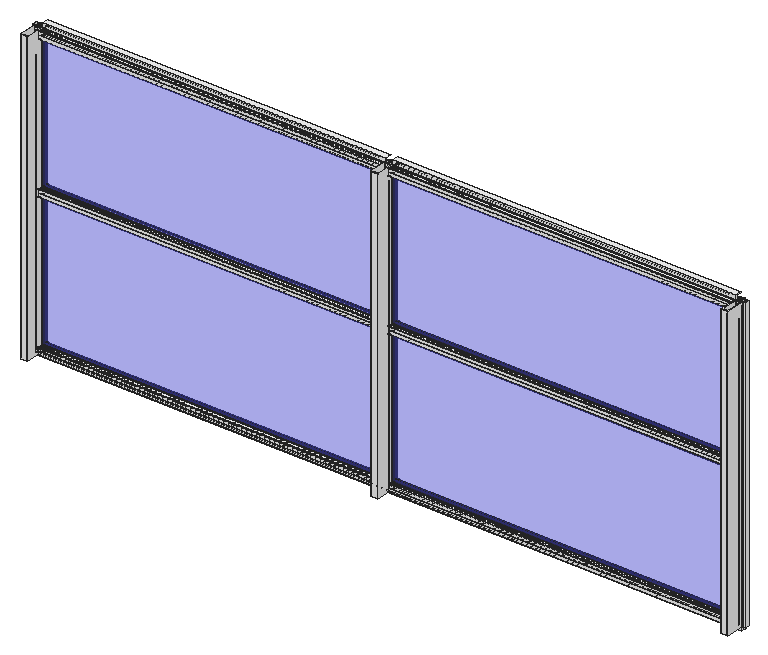
Revit family "Facade_60_Curtain_Wall_E22_Standard", category Windows, host Wall, Revit 2014
Parameters (values of type "F60-E22-6025-2000Pa")
  Windload Design [instance] = if(Custom Windload < 1001 mm, 1000 mm, if(Custom Windload < 1501 mm, 1500 mm, 2000 mm))  # 2000 mm
  Width [instance] = if(Custom Curtain Wall Width < Limit Door Width Min, Limit Door Width Min, if(Custom Curtain Wall Width > Limit Door Width Max, Limit Door Width Max, Custom Curtain Wall Width))  # 5990 mm
  Wall Thickness [instance] = 200 mm
  Vertical Profile Length [instance] = Height - Frame Bottom Gap  # 2460 mm
  URL = "http://www.crealco.co.za/crealco-products.php"
  Type Comments = ""
  Top Profile Overhang = 5.9 mm  # constant formula
  Thermal Resistance (R) [instance] = if(IGDB or SAGDB Number = 100100, 1.0000 (m²·K)/W / Intruderprufe U Value, if(IGDB or SAGDB Number = 100100, 1.0000 (m²·K)/W / Intruderprufe U Value, if(IGDB or SAGDB Number = 105003, 1.0000 (m²·K)/W / Intruderprufe Insulated U Value, if(IGDB or SAGDB Number = 105004, 1.0000 (m²·K)/W / Intruderprufe Insulated LowE U Value, 1.0000 (m²·K)/W / 7.9)))) * 1  # 0.126582 (m²·K)/W
  Thermal Break Material = Plastic, Opaque Black
  Solar Heat Gain Coefficient [instance] = if(IGDB or SAGDB Number = 100100, Intruderprufe SHGC Value, if(IGDB or SAGDB Number = 103200, Intruderprufe LowE SHGC Value, if(IGDB or SAGDB Number = 105003, Intruderprufe Insulated SHGC Value, if(IGDB or SAGDB Number = 105004, Intruderprufe Insulated LowE SHGC Value, 0))))  # 0
  Single Glazing [instance] = if(DG Forced, 1 = 0, not(Double Glazing))  # no
  Sill Height = 85 mm  # constant formula
  SG Forced [instance] = not(DG Forced)  # no
  Quarter Expansion Break = no
  Overall Width [instance] = 5990 mm
  Overall Height [instance] = 2490 mm
  Mullion Side Gap [instance] = (Width / 2) - 30 mm  # 2965 mm
  Mullion Configuration [instance] = if(Windload Design = 1000 mm, if(not(Height > 2490 mm), 1 mm, if(and(not(Height > 4990 mm), not(Width > 1790 mm)), 2 mm, 3 mm)), if(Windload Design = 1500 mm, if(Height > 2490 mm, 3 mm, if(Width > 2990 mm, 2 mm, 1 mm)), if(Height > 2490 mm, 3 mm, if(Width > 1790 mm, 2 mm, 1 mm))))  # 2 mm
  Model = "Façade 60 "  # constant formula
  Mid Transom Bottom Gap [instance] = (Height - Frame Bottom Gap) / 2  # 1230 mm
  Max System DG Unit Thickness = 25 mm  # constant formula
  Max System DG One Piece Thickness [instance] = rounddown((Max System DG Unit Thickness - DG Gasket Thickness) / 2 mm) * 1 mm  # 6 mm
  Max Pane Area [instance] = Glazing Width * Glazing Height  # 3.47675 m²
  Manufacturer = "Crealco"
  Limit Door Width Min = (2 * Limit Panel Width Min) + (2 * Glazing Side Gap) + 19.6 mm  # 699.2 mm
  Limit Door Width Max = (2 * Limit Panel Width Max) + (2 * Glazing Side Gap) + 19.6 mm  # 6099.2 mm
  Limit Door Height Min = (2 * Limit Panel Height Min) + 69.8 mm + (1 mm * 19.6) + 39.8 mm  # 729.2 mm
  Limit Door Height Max = (2 * Limit Panel Height Max) + 69.8 mm + (1 mm * 19.6) + 39.8 mm  # 12129.2 mm
  Limit Panel Width Min = 300 mm  # constant formula
  Limit Panel Width Max = 3000 mm  # constant formula
  Limit Panel Height Min = 300 mm  # constant formula
  Limit Panel Height Max = 6000 mm  # constant formula
  Sill Length [instance] = Width  # 5990 mm
  Length Sill [instance] = Width  # 5990 mm
  Keynote = ""
  Jamb Width = 60 mm  # constant formula
  Intruderprufe U Value = 5.74
  Intruderprufe SHGC Value = 0.72
  Intruderprufe LowE U Value = 4.14
  Intruderprufe LowE SHGC Value = 0.63
  Intruderprufe Insulated U Value = 3.01
  Intruderprufe Insulated SHGC Value = 0.619
  Intruderprufe Insulated LowE U Value = 2.34
  Intruderprufe Insulated LowE SHGC Value = 0.558
  Horizontal Profile Length [instance] = (Width - (2 * Jamb Width) - 60 mm) / 2  # 2905 mm
  Half Expansion Break = no
  Glazing Width [instance] = Horizontal Profile Length + (2 mm * 20.2)  # 2945.4 mm
  Glazing Top Gap = 39.8 mm  # constant formula
  Glazing Side Gap = 39.8 mm  # constant formula
  Glazing Height [instance] = (Height - Glazing Top Gap - Glazing Bottom Gap - (60 mm - 20.2 mm - 20.2 mm)) / 2  # 1180.4 mm
  Glazing Gap SG [instance] = (14 mm - SG Thickness) / 2  # 3 mm
  Glazing Gap DG [instance] = (28 mm - (DG Thickness + DG Thickness + DG Gasket Thickness)) / 2  # 2 mm
  Glazing Bottom Gap = 69.8 mm  # constant formula
  Frame Thickness = 101.8 mm  # constant formula
  Frame Bottom Gap = 30 mm  # constant formula
  Door Leaf Height [instance] = 2050 mm
  Double Glazing [instance] = yes
  DG Thickness Calc [instance] = if(not(Max Pane Area > 1.125 m²), 4 mm, if(not(Max Pane Area > 2.25 m²), 4 mm, if(not(Max Pane Area > 3.15 m²), 5 mm, if(not(Max Pane Area > 4.35 m²), 6 mm, if(not(Max Pane Area > 6.45 m²), 8 mm, 10 mm)))))  # 6 mm
  DG Thickness [instance] = if(IGDB or SAGDB Number = 105003, 6 mm, if(IGDB or SAGDB Number = 105004, 7 mm, if(DG Thickness Calc > Max System DG One Piece Thickness, Max System DG One Piece Thickness, DG Thickness Calc)))  # 6 mm
  DG Gasket Thickness = 12 mm  # constant formula
  DG Gasket Finish [instance] = Double Glazing Gasket Material
  DG Forced [instance] = if(IGDB or SAGDB Number = 100100, 1 = 0, if(IGDB or SAGDB Number = 103200, 1 = 0, if(IGDB or SAGDB Number = 105003, 1 = 1, if(IGDB or SAGDB Number = 105004, 1 = 1, Double Glazing))))  # yes
  IGDB or SAGDB Number [instance] = 0
  Height [instance] = if(Custom Curtain Wall Height < Limit Door Height Min, Limit Door Height Min, if(Custom Curtain Wall Height > Limit Door Height Max, Limit Door Height Max, Custom Curtain Wall Height))  # 2490 mm
  Heat Transfer Coefficient (U) [instance] = if(IGDB or SAGDB Number = 100100, Intruderprufe U Value, if(IGDB or SAGDB Number = 103200, Intruderprufe LowE U Value, if(IGDB or SAGDB Number = 105003, Intruderprufe Insulated U Value, if(IGDB or SAGDB Number = 105004, Intruderprufe Insulated LowE U Value, 7.9)))) * 1.0000 W/(m²·K)  # 7.9000 W/(m²·K)
  SG Thickness [instance] = if(IGDB or SAGDB Number = 100100, 6 mm, if(IGDB or SAGDB Number = 103200, 7 mm, if(not(Max Pane Area > 0.75 m²), 4 mm, if(not(Max Pane Area > 1.50 m²), 4 mm, if(not(Max Pane Area > 2.10 m²), 5 mm, if(not(Max Pane Area > 2.90 m²), 6.4 mm, if(not(Max Pane Area > 4.30 m²), 8 mm, 10 mm)))))))  # 8 mm
  Glazing Material [instance] = if(IGDB or SAGDB Number = 100100, "PFG INTRUDERPRUFE 6.38mm", if(IGDB or SAGDB Number = 103200, "PFG INTRUDERPRUFE LOW-E 7.38mm", if(IGDB or SAGDB Number = 105003, "PFG 25mm INTRUDERPRUFE INSULATED GLASS", if(IGDB or SAGDB Number = 105004, "PFG 25mm INTRUDERPRUFE INSULATED GLASS LOW-E", "Unknown"))))  # "Unknown"
  Glazing Finish [instance] = Glass
  Glazing Code [instance] = if(IGDB or SAGDB Number = 100100, "LAM01", if(IGDB or SAGDB Number = 103200, "LAM01E", if(IGDB or SAGDB Number = 105003, "IGU25", if(IGDB or SAGDB Number = 105004, "IGU25E", "Unknown"))))  # "Unknown"
  Frame Offset From Exterior [instance] = if(Centered In Wall, (Wall Thickness - Frame Thickness) / 2, Custom Offset From Exterior) + 5.9 mm  # 55 mm
  Description = "Curtain wall, E22"  # constant formula
  Default Sill Height = 0 mm
  Wall Closure = By host
  Custom Curtain Wall Width = 5990 mm
  Custom Curtain Wall Height = 2490 mm
  Custom Windload = 2000 mm
  Custom Offset From Exterior = 0 mm
  Centered In Wall [instance] = 1 = 1  # yes
  Aluminium Finish [instance] = White Powder Coated Aluminium ANP 1052
  All Available Glazing Numbers [instance] = "The rows below list the available glazing materials for this window:"  # constant formula
  190mm Mullion [instance] = if(Mullion Configuration = 3 mm, 1 = 1, 1 = 0)  # no
  160mm Mullion [instance] = if(Mullion Configuration = 2 mm, 1 = 1, 1 = 0)  # yes
  105004 [instance] = "IGU25E"  # constant formula
  105003 [instance] = "IGU25"  # constant formula
  103200 [instance] = "LAM01E"  # constant formula
  100mm Mullion [instance] = if(or(Mullion Configuration = 2 mm, Mullion Configuration = 3 mm), 1 = 0, 1 = 1)  # no
  100100 [instance] = "LAM01"  # constant formula
Reference planes
  plane 1 "Center (Front/Back)": y = 0
  plane 2 "Center (Left/Right)": x = 0
  plane 3 "Left": x = -2995
  plane 4 "Right": x = 2995
  plane 5 "Sill": z = 0
  plane 6 "Head": z = 2490
  plane 7 "Exterior": y = 100
  plane 8 "Interior": y = -100
Lines and regions (mm)
  Opening 1
    outline origin (3507.082, -100, 0) x (1, 0, 0) y (0, 0, 1)
      loop
        line (-512.082, 0) -> (-512.082, 2490) -> (-6502.082, 2490) -> (-6502.082, 0) -> (-512.082, 0)
Text (mm)
  text "EXTERIOR" at (-1963.203, 1332.353, 0), in view "Ref. Level"
  text "INTERIOR" at (-1981.466, -818.386, 0), in view "Ref. Level"
  text "Exterior" at (0, 923.751, 2943.296), in view "Right"
  text "Exterior" at (0, 1040.484, 2685.409), in view "Left"
Dimensions and locks
  equal spacing: plane 3 "Left", plane 2 "Center (Left/Right)", plane 4 "Right"
  "Width": plane 3 "Left" to plane 4 "Right"
  "Height": plane 5 "Sill" to plane 6 "Head"
  "Default Sill Height": plane 5 "Sill" to level
  locked: plane 7 "Exterior" to host wall at 0
  locked: plane 8 "Interior" to host wall
  "Overall Height": plane 6 "Head" to plane 5 "Sill"
  "Overall Width": plane 3 "Left" to plane 4 "Right"
  "Wall Thickness": host wall to host wall
  "Jamb Width": nested 3 to plane 4 "Right"
  "Jamb Width": nested 5 to plane 4 "Right"
  "Frame Bottom Gap": nested 5 to level
  "Frame Offset From Exterior": nested 1 to plane 7 "Exterior"
  "Glazing Side Gap": nested 6 to plane 4 "Right"
  "Glazing Top Gap": nested 6 to plane 6 "Head"
  "Glazing Gap SG": nested 6 to nested 1
  "Glazing Side Gap": nested 7 to plane 4 "Right"
  "Glazing Top Gap": nested 7 to plane 6 "Head"
  "Glazing Gap DG": nested 7 to nested 1
  "Mullion Side Gap": nested 8 to plane 4 "Right"
  "Frame Bottom Gap": nested 8 to level
  "Jamb Width": plane 3 "Left" to nested 10
  "Jamb Width": plane 3 "Left" to nested 9
  "Glazing Side Gap": plane 3 "Left" to nested 11
  "Glazing Side Gap": plane 3 "Left" to nested 12
  "Glazing Gap SG": nested 2 to nested 12
  "Glazing Gap DG": nested 2 to nested 11
  "Glazing Bottom Gap": nested 11 to level
  "Glazing Bottom Gap": nested 12 to level
  "Frame Bottom Gap": nested 9 to level
  "Mid Transom Bottom Gap": nested 13 to level
  "Mid Transom Bottom Gap": nested 14 to level
  "Jamb Width": plane 3 "Left" to nested 13
  "Jamb Width": nested 14 to plane 4 "Right"
  "Glazing Bottom Gap": nested 15 to level
  "Glazing Bottom Gap": nested 16 to level
  "Glazing Top Gap": nested 17 to plane 6 "Head"
  "Glazing Top Gap": nested 18 to plane 6 "Head"
  "Glazing Side Gap": plane 3 "Left" to nested 18
  "Glazing Side Gap": plane 3 "Left" to nested 17
  "Glazing Side Gap": nested 15 to plane 4 "Right"
  "Glazing Side Gap": nested 16 to plane 4 "Right"
  "Glazing Gap SG": nested 16 to nested 1
  "Glazing Gap DG": nested 15 to nested 1
  "Glazing Gap SG": nested 2 to nested 18
  "Glazing Gap DG": nested 2 to nested 17
  host wall to host wall = 12700 mm
  aligned and locked: plane 4 "Right" to nested 1
  aligned and locked: plane 6 "Head" to nested 1
  aligned and locked: plane 3 "Left" to nested 2
  aligned and locked: plane 6 "Head" to nested 2
  aligned and locked: nested 3 to plane 6 "Head"
  aligned and locked: nested 4 to level
  aligned and locked: plane 4 "Right" to nested 4
  aligned and locked: nested 1 to nested 2
  aligned and locked: nested 5 to nested 4
  aligned and locked: nested 8 to nested 2
  aligned and locked: nested 10 to plane 6 "Head"
  aligned and locked: nested 5 to nested 10
  aligned and locked: nested 5 to nested 9
  aligned and locked: nested 10 to nested 3
  aligned and locked: nested 10 to nested 2
  aligned and locked: nested 13 to nested 10
  aligned and locked: nested 14 to nested 3
Automatic sketch dimensions
  plane 3 "Left" to Opening 1 sketch curve = 0 mm
  plane 4 "Right" to Opening 1 sketch curve = 0 mm
  Opening 1 sketch curve to plane 5 "Sill" = 0 mm
  Opening 1 sketch curve to plane 6 "Head" = 0 mm
Nested families
  nested 1: "F60 Vertical Profile Side_E22_Std" at (2995, -1.058, 30) x (-1, 0, 0) z (0, 0, 1), Thermal Break Material <- "Thermal Break Material", Profile Material <- "Aluminium Finish", Length <- "Vertical Profile Length", Single Glazing <- "SG Forced", Double Glazing <- "DG Forced", 100mm Mullion <- "100mm Mullion", 160mm Mullion <- "160mm Mullion", 190mm Mullion <- "190mm Mullion", Quarter Expansion Break <- "Quarter Expansion Break", Half Expansion Break <- "Half Expansion Break", type "F60 Vertical Profile Side_E22_Std"
    with Thermal Break Material Plastic, Opaque Black, Single Glazing no, Quarter SG Expansion Break no, Quarter Length 615 mm, Quarter Expansion Break no, Quarter DG Expansion Break no, Quarter 190mm Expansion Break no, Quarter 160mm Expansion Break no, Quarter 100mm Expansion Break no, Profile Material White Powder Coated Aluminium ANP 1052, Length 2460 mm, Half SG Expansion Break no, Half Length 1230 mm, Half Expansion Break no, Half DG Expansion Break no, Half 190mm Expansion Joint no, Half 160mm Expansion Break no, Half 100mm Expansion Break no, Double Glazing yes, 190mm Mullion no, 160mm Mullion yes, 100mm Mullion no
  nested 2: "F60 Vertical Profile Side_E22_Std" at (-2995, -1.058, 30), Thermal Break Material <- "Thermal Break Material", Profile Material <- "Aluminium Finish", Length <- "Vertical Profile Length", Single Glazing <- "SG Forced", Double Glazing <- "DG Forced", 100mm Mullion <- "100mm Mullion", 160mm Mullion <- "160mm Mullion", 190mm Mullion <- "190mm Mullion", Quarter Expansion Break <- "Quarter Expansion Break", Half Expansion Break <- "Half Expansion Break", type "F60 Vertical Profile Side_E22_Std"
    with Thermal Break Material Plastic, Opaque Black, Single Glazing no, Quarter SG Expansion Break no, Quarter Length 615 mm, Quarter Expansion Break no, Quarter DG Expansion Break no, Quarter 190mm Expansion Break no, Quarter 160mm Expansion Break no, Quarter 100mm Expansion Break no, Profile Material White Powder Coated Aluminium ANP 1052, Length 2460 mm, Half SG Expansion Break no, Half Length 1230 mm, Half Expansion Break no, Half DG Expansion Break no, Half 190mm Expansion Joint no, Half 160mm Expansion Break no, Half 100mm Expansion Break no, Double Glazing yes, 190mm Mullion no, 160mm Mullion yes, 100mm Mullion no
  nested 3: "F60 Horizontal Profile Top_E22_Std" at (2935, -50.858, 2430) x (-1, 0, 0) z (0, 0, 1), Thermal Break Material <- "Thermal Break Material", Profile Material <- "Aluminium Finish", Length <- "Horizontal Profile Length", Single Glazing <- "SG Forced", Double Glazing <- "DG Forced", type "F60 Horizontal Profile Top_E22_Std"
    with Thermal Break Material Plastic, Opaque Black, Single Glazing no, Profile Material White Powder Coated Aluminium ANP 1052, Length 2905 mm, Double Glazing yes
  nested 4: "F60 Sill_E22_Std" at (2995, -13.486, -1.88) x (-1, 0, 0) z (0, 0, 1), Profile Material <- "Aluminium Finish", Length Sill <- "Length Sill", type "F60 Sill_E22_Std"
    with Profile Material White Powder Coated Aluminium ANP 1052, Length Sill 5990 mm
  nested 5: "F60 Horizontal Profile Bottom_E22_Std" at (2935, -50.858, 30) x (-1, 0, 0) z (0, 0, 1), Thermal Break Material <- "Thermal Break Material", Profile Material <- "Aluminium Finish", Length <- "Horizontal Profile Length", Single Glazing <- "SG Forced", Double Glazing <- "DG Forced", type "F60 Horizontal Profile Bottom_E22_Std"
    with Thermal Break Material Plastic, Opaque Black, Single Glazing no, Profile Material White Powder Coated Aluminium ANP 1052, Length 2905 mm, Double Glazing yes
  nested 6: "F60_Single_Glazing_E22_Std" at (2955.2, 9.942, 1269.8), Glazing Width <- "Glazing Width", Glazing Height <- "Glazing Height", SG Thickness <- "SG Thickness", Glazing Finish <- "Glazing Finish", visible <- "SG Forced", type "F60_Single_Glazing_E22_Std"
    with SG Thickness 8 mm, Glazing Width 2945.4 mm, Glazing Height 1180.4 mm, Glazing Finish Glass
  nested 7: "F60_Double_Glazing_E22_Std" at (2955.2, 24.942, 1269.8), Glazing Material <- "Glazing Finish", Double Glazing Gasket Material <- "DG Gasket Finish", Glazing Width <- "Glazing Width", Glazing Height <- "Glazing Height", Glazing Thickness DG <- "DG Thickness", Double Glazing Gasket Thickness <- "DG Gasket Thickness", visible <- "DG Forced", type "F60_Double_Glazing_E22_Std"
    with Glazing Width 2945.4 mm, Glazing Thickness DG 6 mm, Glazing Material Glass, Glazing Height 1180.4 mm, Double Glazing Gasket Thickness 12 mm, Double Glazing Gasket Material Double Glazing Gasket Material
  nested 8: "F60 Vertical Profile Middle_E22_Std" at (30, -1.058, 30) x (-1, 0, 0) z (0, 0, 1), Thermal Break Material <- "Thermal Break Material", Profile Material <- "Aluminium Finish", Single Glazing <- "SG Forced", Double Glazing <- "DG Forced", 190mm Mullion <- "190mm Mullion", 160mm Mullion <- "160mm Mullion", 100mm Mullion <- "100mm Mullion", Length <- "Vertical Profile Length", Quarter Expansion Break <- "Quarter Expansion Break", Half Expansion Break <- "Half Expansion Break", type "F60 Vertical Profile Middle_E22_Std"
    with Thermal Break Material Plastic, Opaque Black, Single Glazing no, Quarter SG Expansion Break no, Quarter Length 615 mm, Quarter Expansion Break no, Quarter DG Expansion Break no, Quarter 190mm Expansion Break no, Quarter 160mm Expansion Break no, Quarter 100mm Expansion Break no, Profile Material White Powder Coated Aluminium ANP 1052, Length 2460 mm, Half SG Expansion Break no, Half Length 1230 mm, Half Expansion Break no, Half DG Expansion Break no, Half 190mm Expansion Joint no, Half 160mm Expansion Break no, Half 100mm Expansion Break no, Double Glazing yes, 190mm Mullion no, 160mm Mullion yes, 100mm Mullion no
  nested 9: "F60 Horizontal Profile Bottom_E22_Std" at (-30, -50.858, 30) x (-1, 0, 0) z (0, 0, 1), Thermal Break Material <- "Thermal Break Material", Profile Material <- "Aluminium Finish", Length <- "Horizontal Profile Length", Single Glazing <- "SG Forced", Double Glazing <- "DG Forced", type "F60 Horizontal Profile Bottom_E22_Std"
    with Thermal Break Material Plastic, Opaque Black, Single Glazing no, Profile Material White Powder Coated Aluminium ANP 1052, Length 2905 mm, Double Glazing yes
  nested 10: "F60 Horizontal Profile Top_E22_Std" at (-30, -50.858, 2430) x (-1, 0, 0) z (0, 0, 1), Thermal Break Material <- "Thermal Break Material", Profile Material <- "Aluminium Finish", Length <- "Horizontal Profile Length", Single Glazing <- "SG Forced", Double Glazing <- "DG Forced", type "F60 Horizontal Profile Top_E22_Std"
    with Thermal Break Material Plastic, Opaque Black, Single Glazing no, Profile Material White Powder Coated Aluminium ANP 1052, Length 2905 mm, Double Glazing yes
  nested 11: "F60_Double_Glazing_E22_Std" at (-9.8, 24.942, 69.8), Glazing Material <- "Glazing Finish", Double Glazing Gasket Material <- "DG Gasket Finish", Glazing Width <- "Glazing Width", Glazing Height <- "Glazing Height", Glazing Thickness DG <- "DG Thickness", Double Glazing Gasket Thickness <- "DG Gasket Thickness", visible <- "DG Forced", type "F60_Double_Glazing_E22_Std"
    with Glazing Width 2945.4 mm, Glazing Thickness DG 6 mm, Glazing Material Glass, Glazing Height 1180.4 mm, Double Glazing Gasket Thickness 12 mm, Double Glazing Gasket Material Double Glazing Gasket Material
  nested 12: "F60_Single_Glazing_E22_Std" at (-9.8, 9.942, 69.8), Glazing Width <- "Glazing Width", Glazing Height <- "Glazing Height", SG Thickness <- "SG Thickness", Glazing Finish <- "Glazing Finish", visible <- "SG Forced", type "F60_Single_Glazing_E22_Std"
    with SG Thickness 8 mm, Glazing Width 2945.4 mm, Glazing Height 1180.4 mm, Glazing Finish Glass
  nested 13: "F60 Horizontal Profile Middle_E22_Std" at (-30, -50.858, 1230) x (-1, 0, 0) z (0, 0, 1), Thermal Break Material <- "Thermal Break Material", Profile Material <- "Aluminium Finish", Length <- "Horizontal Profile Length", Single Glazing <- "SG Forced", Double Glazing <- "DG Forced", type "F60 Horizontal Profile Middle_E22_Std"
    with Thermal Break Material Plastic, Opaque Black, Single Glazing no, Profile Material White Powder Coated Aluminium ANP 1052, Length 2905 mm, Double Glazing yes
  nested 14: "F60 Horizontal Profile Middle_E22_Std" at (2935, -50.858, 1230) x (-1, 0, 0) z (0, 0, 1), Thermal Break Material <- "Thermal Break Material", Profile Material <- "Aluminium Finish", Length <- "Horizontal Profile Length", Single Glazing <- "SG Forced", Double Glazing <- "DG Forced", type "F60 Horizontal Profile Middle_E22_Std"
    with Thermal Break Material Plastic, Opaque Black, Single Glazing no, Profile Material White Powder Coated Aluminium ANP 1052, Length 2905 mm, Double Glazing yes
  nested 15: "F60_Double_Glazing_E22_Std" at (2955.2, 24.942, 69.8), Glazing Material <- "Glazing Finish", Double Glazing Gasket Material <- "DG Gasket Finish", Glazing Width <- "Glazing Width", Glazing Height <- "Glazing Height", Glazing Thickness DG <- "DG Thickness", Double Glazing Gasket Thickness <- "DG Gasket Thickness", visible <- "DG Forced", type "F60_Double_Glazing_E22_Std"
    with Glazing Width 2945.4 mm, Glazing Thickness DG 6 mm, Glazing Material Glass, Glazing Height 1180.4 mm, Double Glazing Gasket Thickness 12 mm, Double Glazing Gasket Material Double Glazing Gasket Material
  nested 16: "F60_Single_Glazing_E22_Std" at (2955.2, 9.942, 69.8), Glazing Width <- "Glazing Width", Glazing Height <- "Glazing Height", SG Thickness <- "SG Thickness", Glazing Finish <- "Glazing Finish", visible <- "SG Forced", type "F60_Single_Glazing_E22_Std"
    with SG Thickness 8 mm, Glazing Width 2945.4 mm, Glazing Height 1180.4 mm, Glazing Finish Glass
  nested 17: "F60_Double_Glazing_E22_Std" at (-9.8, 24.942, 1269.8), Glazing Material <- "Glazing Finish", Double Glazing Gasket Material <- "DG Gasket Finish", Glazing Width <- "Glazing Width", Glazing Height <- "Glazing Height", Glazing Thickness DG <- "DG Thickness", Double Glazing Gasket Thickness <- "DG Gasket Thickness", visible <- "DG Forced", type "F60_Double_Glazing_E22_Std"
    with Glazing Width 2945.4 mm, Glazing Thickness DG 6 mm, Glazing Material Glass, Glazing Height 1180.4 mm, Double Glazing Gasket Thickness 12 mm, Double Glazing Gasket Material Double Glazing Gasket Material
  nested 18: "F60_Single_Glazing_E22_Std" at (-9.8, 9.942, 1269.8), Glazing Width <- "Glazing Width", Glazing Height <- "Glazing Height", SG Thickness <- "SG Thickness", Glazing Finish <- "Glazing Finish", visible <- "SG Forced", type "F60_Single_Glazing_E22_Std"
    with SG Thickness 8 mm, Glazing Width 2945.4 mm, Glazing Height 1180.4 mm, Glazing Finish Glass
Definition of nested family "F60 Vertical Profile Side_E22_Std"
  Parameters (values of type "F60 Vertical Profile Side")
    Quarter SG Expansion Break [instance] = if(and(Quarter Expansion Break, Single Glazing), 1 = 1, 1 = 0)  # yes
    Quarter Length [instance] = Length / 4  # 62.5 mm
    Thermal Break Material [instance] = none
    Single Glazing [instance] = yes
    Quarter Expansion Break [instance] = yes
    Quarter DG Expansion Break [instance] = if(and(Quarter Expansion Break, Double Glazing), 1 = 1, 1 = 0)  # yes
    Quarter 190mm Expansion Break [instance] = if(and(Quarter Expansion Break, [190mm Mullion]), 1 = 1, 1 = 0)  # yes
    Quarter 160mm Expansion Break [instance] = if(and(Quarter Expansion Break, [160mm Mullion]), 1 = 1, 1 = 0)  # yes
    Quarter 100mm Expansion Break [instance] = if(and(Quarter Expansion Break, [100mm Mullion]), 1 = 1, 1 = 0)  # yes
    Profile Material [instance] = none
    Length [instance] = 250 mm
    Half SG Expansion Break [instance] = if(and(Half Expansion Break, Single Glazing), 1 = 1, 1 = 0)  # yes
    Half Length [instance] = Length / 2  # 125 mm
    Half Expansion Break [instance] = yes
    Half DG Expansion Break [instance] = if(and(Half Expansion Break, Double Glazing), 1 = 1, 1 = 0)  # yes
    Half 190mm Expansion Joint [instance] = if(and(Half Expansion Break, [190mm Mullion]), 1 = 1, 1 = 0)  # yes
    Half 160mm Expansion Break [instance] = if(and(Half Expansion Break, [160mm Mullion]), 1 = 1, 1 = 0)  # yes
    Half 100mm Expansion Break [instance] = if(and(Half Expansion Break, [100mm Mullion]), 1 = 1, 1 = 0)  # yes
    Double Glazing [instance] = yes
    190mm Mullion [instance] = yes
    160mm Mullion [instance] = yes
    100mm Mullion [instance] = yes
  Reference planes
    plane 1 "Center (Front/Back)": y = 0
    plane 2: z = 0
    plane 3 "Center (Left/Right)": x = 0
  Forms (mm)
    Extrusion 1, solid, material <- "Profile Material"
      sketch origin (0, 0, 0) x (1, 0, 0) y (0, 1, 0)
        loop
          arc (25.249, -8.7) -> (25.484, -9.266) -> (26.049, -9.5) r 0.8
          line (26.049, -9.5) -> (27.1, -9.5) -> (27.1, 7) -> (32.902, 7) -> (32.902, -9.5) -> (33.951, -9.5)
          arc (33.951, -9.5) -> (34.516, -9.266) -> (34.751, -8.7) r 0.8
          line (34.751, -8.7) -> (34.751, 6.2)
          arc (34.751, 6.2) -> (34.985, 6.766) -> (35.551, 7) r 0.8
          line (35.551, 7) -> (52.1, 7) -> (52.1, 5.4) -> (50.55, 5.4) -> (50.55, 4.55)
          arc (50.55, 4.55) -> (50.726, 4.126) -> (51.15, 3.95) r 0.6
          line (51.15, 3.95) -> (52.1, 3.95) -> (52.1, 1)
          arc (52.1, 1) -> (51.6, 0.5) -> (52.1, 0) r 0.5
          line (52.1, 0) -> (54.45, 0) -> (54.45, 1.15) -> (53.3, 1.15) -> (53.3, 2.45) -> (58.8, 2.45) -> (58.8, 1.15) -> (57.65, 1.15) -> (57.65, 0) -> (59.5, 0)
          arc (59.5, 0) -> (59.854, 0.146) -> (60, 0.5) r 0.5
          line (60, 0.5) -> (60, 3.9) -> (53.55, 3.9) -> (53.55, 7.6)
          arc (53.55, 7.6) -> (53.316, 8.166) -> (52.75, 8.4) r 0.8
          line (52.75, 8.4) -> (30, 8.4) -> (7.25, 8.4)
          arc (7.25, 8.4) -> (6.684, 8.166) -> (6.45, 7.6) r 0.8
          line (6.45, 7.6) -> (6.45, 3.9) -> (0, 3.9) -> (0, 0.5)
          arc (0, 0.5) -> (0.146, 0.146) -> (0.5, 0) r 0.5
          line (0.5, 0) -> (2.35, 0) -> (2.35, 1.15) -> (1.2, 1.15) -> (1.2, 2.45) -> (6.7, 2.45) -> (6.7, 1.15) -> (5.55, 1.15) -> (5.55, 0) -> (7.9, 0)
          arc (7.9, 0) -> (8.4, 0.5) -> (7.9, 1) r 0.5
          line (7.9, 1) -> (7.9, 3.95) -> (8.85, 3.95)
          arc (8.85, 3.95) -> (9.274, 4.126) -> (9.45, 4.55) r 0.6
          line (9.45, 4.55) -> (9.45, 5.4) -> (7.9, 5.4) -> (7.9, 7) -> (24.449, 7)
          arc (24.449, 7) -> (25.015, 6.766) -> (25.249, 6.2) r 0.8
          line (25.249, 6.2) -> (25.249, -8.7)
      from 0 to 250 <- "Length"
    Extrusion 2, solid, material <- "Thermal Break Material"
      sketch origin (0, 0, 0) x (1, 0, 0) y (0, 1, 0)
        loop
          line (1.75, 9.8) -> (1.75, 5.2) -> (0, 5.2) -> (0, 3.9) -> (6.35, 3.9) -> (6.35, 7.856)
          arc (6.35, 7.856) -> (6.526, 8.281) -> (6.95, 8.456) r 0.6
          line (6.95, 8.456) -> (30, 8.456) -> (53.05, 8.456)
          arc (53.05, 8.456) -> (53.474, 8.281) -> (53.65, 7.856) r 0.6
          line (53.65, 7.856) -> (53.65, 3.9) -> (60, 3.9) -> (60, 5.2) -> (58.25, 5.2) -> (58.25, 9.8) -> (30, 9.8) -> (1.75, 9.8)
      from 0 to 250 <- "Length"
    Extrusion 3, solid, material <- "Thermal Break Material", visible <- "Single Glazing"
      sketch origin (0, 0, 0) x (1, 0, 0) y (0, 1, 0)
        loop
          line (25.749, -14.011) -> (27.672, -14.011) -> (28.481, -12.611) -> (31.518, -12.611) -> (32.327, -14.011) -> (34.249, -14.011)
          arc (34.249, -14.011) -> (34.603, -13.864) -> (34.749, -13.511) r 0.5
          line (34.749, -13.511) -> (34.749, -10.011)
          arc (34.749, -10.011) -> (34.603, -9.657) -> (34.249, -9.511) r 0.5
          line (34.249, -9.511) -> (32.352, -9.511) -> (32.352, 0.19) -> (31.349, 2.261)
          arc (31.349, 2.261) -> (29.999, 2.986) -> (28.649, 2.261) r 1.62
          line (28.649, 2.261) -> (27.647, 0.19) -> (27.647, -9.511) -> (25.749, -9.511)
          arc (25.749, -9.511) -> (25.396, -9.657) -> (25.249, -10.011) r 0.5
          line (25.249, -10.011) -> (25.249, -13.511)
          arc (25.249, -13.511) -> (25.396, -13.864) -> (25.749, -14.011) r 0.5
        loop
          line (28.504, -10.005) -> (28.504, -10.861)
          arc (28.504, -10.861) -> (28.651, -11.214) -> (29.004, -11.361) r 0.5
          line (29.004, -11.361) -> (30.994, -11.361)
          arc (30.994, -11.361) -> (31.348, -11.214) -> (31.494, -10.861) r 0.5
          line (31.494, -10.861) -> (31.494, -10.005) -> (30.708, -9.219)
          arc (30.708, -9.219) -> (30.383, -9.001) -> (29.999, -8.924) r 1.007
          arc (29.999, -8.924) -> (29.616, -8.999) -> (29.292, -9.217) r 0.986
          line (29.292, -9.217) -> (28.504, -10.005)
        loop
          arc (30.896, 1.935) -> (29.887, 2.44) -> (29.005, 1.735) r 1.047
          line (29.005, 1.735) -> (28.347, 0.374) -> (28.347, -6.993)
          arc (28.347, -6.993) -> (28.583, -7.417) -> (29.068, -7.441) r 0.5
          arc (29.068, -7.441) -> (29.999, -7.223) -> (30.93, -7.441) r 2.099
          arc (30.93, -7.441) -> (31.416, -7.417) -> (31.652, -6.993) r 0.5
          line (31.652, -6.993) -> (31.652, 0.374) -> (30.896, 1.935)
      from 0 to 250 <- "Length"
    Extrusion 4, solid, material <- "Profile Material", visible <- "Single Glazing"
      sketch origin (0, 0, 0) x (1, 0, 0) y (0, 1, 0)
        loop
          line (52.693, -14.011) -> (32.327, -14.011) -> (31.519, -12.611) -> (28.481, -12.611) -> (27.673, -14.011) -> (7.307, -14.011) -> (7.307, -15.011) -> (8.457, -15.011) -> (8.457, -16.261) -> (2.957, -16.261) -> (2.957, -15.011) -> (4.107, -15.011) -> (4.107, -14.011) -> (1.707, -14.011)
          arc (1.707, -14.011) -> (1.199, -14.293) -> (1.168, -14.873) r 0.6
          line (1.168, -14.873) -> (2.093, -16.772) -> (1.015, -17.298) -> (1.484, -18.261) -> (11.488, -18.261)
          arc (11.488, -18.261) -> (11.913, -18.085) -> (12.088, -17.661) r 0.6
          line (12.088, -17.661) -> (12.088, -16.811) -> (47.912, -16.811) -> (47.912, -17.661)
          arc (47.912, -17.661) -> (48.088, -18.085) -> (48.512, -18.261) r 0.6
          line (48.512, -18.261) -> (58.518, -18.261) -> (58.987, -17.298) -> (57.908, -16.772) -> (58.834, -14.874)
          arc (58.834, -14.874) -> (58.802, -14.293) -> (58.293, -14.011) r 0.6
          line (58.293, -14.011) -> (55.893, -14.011) -> (55.893, -15.011) -> (57.043, -15.011) -> (57.043, -16.261) -> (51.543, -16.261) -> (51.543, -15.011) -> (52.693, -15.011) -> (52.693, -14.011)
      from 0 to 250 <- "Length"
    Extrusion 5, solid, material <- "Profile Material", visible <- "Single Glazing"
      sketch origin (0, 0, 0) x (1, 0, 0) y (0, 1, 0)
        loop
          line (2.801, -18.261) -> (1.484, -18.261) -> (1.015, -17.298) -> (2.093, -16.772) -> (0.779, -14.076)
          arc (0.779, -14.076) -> (0.239, -14.21) -> (0.001, -14.713) r 0.65
          line (0.001, -14.713) -> (0.001, -28.068)
          arc (0.001, -28.068) -> (1.172, -30.897) -> (4.001, -32.068) r 4
          line (4.001, -32.068) -> (30.001, -32.068) -> (56.001, -32.068)
          arc (56.001, -32.068) -> (58.829, -30.897) -> (60.001, -28.068) r 4
          line (60.001, -28.068) -> (60.001, -14.713)
          arc (60.001, -14.713) -> (59.763, -14.21) -> (59.223, -14.076) r 0.65
          line (59.223, -14.076) -> (57.908, -16.772) -> (58.987, -17.298) -> (58.518, -18.261) -> (57.201, -18.261)
          arc (57.201, -18.261) -> (56.83, -18.425) -> (56.703, -18.811) r 0.5
          arc (56.703, -18.811) -> (56.83, -19.196) -> (57.201, -19.361) r 0.5
          line (57.201, -19.361) -> (58.951, -19.361) -> (58.951, -27.968)
          arc (58.951, -27.968) -> (58.131, -29.948) -> (56.151, -30.768) r 2.8
          line (56.151, -30.768) -> (30.001, -30.768) -> (3.851, -30.768)
          arc (3.851, -30.768) -> (1.871, -29.948) -> (1.051, -27.968) r 2.8
          line (1.051, -27.968) -> (1.051, -19.361) -> (2.801, -19.361)
          arc (2.801, -19.361) -> (3.172, -19.196) -> (3.298, -18.811) r 0.5
          arc (3.298, -18.811) -> (3.172, -18.425) -> (2.801, -18.261) r 0.5
      from 0 to 250 <- "Length"
    Extrusion 6, solid, material <- "Profile Material", visible <- "100mm Mullion"
      sketch origin (0, 0, 0) x (1, 0, 0) y (0, 1, 0)
        loop
          line (14.02, 13) -> (45.98, 13)
          arc (45.98, 13) -> (46.539, 12.842) -> (46.917, 12.4) r 1
          arc (46.917, 12.4) -> (47.285, 11.963) -> (47.833, 11.8) r 1
          line (47.833, 11.8) -> (58.15, 11.8) -> (58.15, 96.3) -> (47.833, 96.3)
          arc (47.833, 96.3) -> (47.285, 96.137) -> (46.917, 95.7) r 1
          arc (46.917, 95.7) -> (46.548, 95.263) -> (46, 95.1) r 1
          line (46, 95.1) -> (14, 95.1)
          arc (14, 95.1) -> (13.452, 95.263) -> (13.083, 95.7) r 1
          arc (13.083, 95.7) -> (12.715, 96.137) -> (12.167, 96.3) r 1
          line (12.167, 96.3) -> (1.85, 96.3) -> (1.85, 11.8) -> (12.167, 11.8)
          arc (12.167, 11.8) -> (12.715, 11.963) -> (13.083, 12.4) r 1
          arc (13.083, 12.4) -> (13.461, 12.842) -> (14.02, 13) r 1
        loop
          line (1.65, 9.856) -> (58.35, 9.856) -> (58.35, 5.2) -> (60, 5.2) -> (60, 98.8)
          arc (60, 98.8) -> (59.707, 99.507) -> (59, 99.8) r 1
          line (59, 99.8) -> (1, 99.8)
          arc (1, 99.8) -> (0.293, 99.507) -> (0, 98.8) r 1
          line (0, 98.8) -> (0, 5.2) -> (1.65, 5.2) -> (1.65, 9.856)
      from 0 to 250 <- "Length"
    Extrusion 7, solid, material <- "Profile Material", visible <- "160mm Mullion"
      sketch origin (0, 0, 0) x (1, 0, 0) y (0, 1, 0)
        loop
          arc (2.35, 15.6) -> (2.526, 15.176) -> (2.95, 15) r 0.6
          line (2.95, 15) -> (57.05, 15)
          arc (57.05, 15) -> (57.474, 15.176) -> (57.65, 15.6) r 0.6
          line (57.65, 15.6) -> (57.65, 153.7)
          arc (57.65, 153.7) -> (57.474, 154.124) -> (57.05, 154.3) r 0.6
          line (57.05, 154.3) -> (47.833, 154.3)
          arc (47.833, 154.3) -> (47.285, 154.137) -> (46.917, 153.7) r 1
          arc (46.917, 153.7) -> (46.548, 153.263) -> (46, 153.1) r 1
          line (46, 153.1) -> (14, 153.1)
          arc (14, 153.1) -> (13.452, 153.263) -> (13.083, 153.7) r 1
          arc (13.083, 153.7) -> (12.715, 154.137) -> (12.167, 154.3) r 1
          line (12.167, 154.3) -> (2.95, 154.3)
          arc (2.95, 154.3) -> (2.526, 154.124) -> (2.35, 153.7) r 0.6
          line (2.35, 153.7) -> (2.35, 15.6)
        loop
          arc (1, 159.8) -> (0.293, 159.507) -> (0, 158.8) r 1
          line (0, 158.8) -> (0, 5.2) -> (1.65, 5.2) -> (1.65, 10.013) -> (58.35, 10.013) -> (58.35, 5.2) -> (60, 5.2) -> (60, 158.8)
          arc (60, 158.8) -> (59.707, 159.507) -> (59, 159.8) r 1
          line (59, 159.8) -> (1, 159.8)
      from 0 to 250 <- "Length"
    Extrusion 8, solid, material <- "Profile Material", visible <- "190mm Mullion"
      sketch origin (0, 0, 0) x (1, 0, 0) y (0, 1, 0)
        loop
          line (57.25, 15.1) -> (57.25, 178.3)
          arc (57.25, 178.3) -> (56.957, 179.007) -> (56.25, 179.3) r 1
          line (56.25, 179.3) -> (3.75, 179.3)
          arc (3.75, 179.3) -> (3.043, 179.007) -> (2.75, 178.3) r 1
          line (2.75, 178.3) -> (2.75, 15.1)
          arc (2.75, 15.1) -> (2.984, 14.534) -> (3.55, 14.3) r 0.8
          line (3.55, 14.3) -> (56.45, 14.3)
          arc (56.45, 14.3) -> (57.016, 14.534) -> (57.25, 15.1) r 0.8
        loop
          line (60, 5.2) -> (60, 188.8)
          arc (60, 188.8) -> (59.707, 189.507) -> (59, 189.8) r 1
          line (59, 189.8) -> (1, 189.8)
          arc (1, 189.8) -> (0.293, 189.507) -> (0, 188.8) r 1
          line (0, 188.8) -> (0, 5.2) -> (1.65, 5.2) -> (1.65, 9.856) -> (58.35, 9.856) -> (58.35, 5.2) -> (60, 5.2)
      from 0 to 250 <- "Length"
    Extrusion 9, solid, material <- "Thermal Break Material", visible <- "Double Glazing"
      sketch origin (0, 0, 0) x (1, 0, 0) y (0, 1, 0)
        loop
          line (27.672, -28) -> (28.48, -26.6) -> (31.518, -26.6) -> (32.326, -28) -> (34.249, -28)
          arc (34.249, -28) -> (34.603, -27.854) -> (34.749, -27.5) r 0.5
          line (34.749, -27.5) -> (34.749, -10)
          arc (34.749, -10) -> (34.603, -9.646) -> (34.249, -9.5) r 0.5
          line (34.249, -9.5) -> (32.352, -9.5) -> (32.352, 0.198) -> (31.348, 2.272)
          arc (31.348, 2.272) -> (29.998, 2.997) -> (28.648, 2.272) r 1.62
          line (28.648, 2.272) -> (27.645, 0.201) -> (27.645, -9.5) -> (25.749, -9.5)
          arc (25.749, -9.5) -> (25.396, -9.646) -> (25.249, -10) r 0.5
          line (25.249, -10) -> (25.249, -27.5)
          arc (25.249, -27.5) -> (25.396, -27.854) -> (25.749, -28) r 0.5
          line (25.749, -28) -> (27.672, -28)
        loop
          arc (30.706, -9.206) -> (30.382, -8.99) -> (29.999, -8.913) r 1.007
          arc (29.999, -8.913) -> (29.616, -8.988) -> (29.292, -9.206) r 0.986
          line (29.292, -9.206) -> (27.142, -11.356)
          arc (27.142, -11.356) -> (26.926, -11.68) -> (26.849, -12.063) r 1
          line (26.849, -12.063) -> (26.849, -24)
          arc (26.849, -24) -> (27.142, -24.707) -> (27.849, -25) r 1
          line (27.849, -25) -> (32.149, -25)
          arc (32.149, -25) -> (32.856, -24.707) -> (33.149, -24) r 1
          line (33.149, -24) -> (33.149, -12.063)
          arc (33.149, -12.063) -> (33.073, -11.68) -> (32.856, -11.356) r 1
          line (32.856, -11.356) -> (30.706, -9.206)
        loop
          arc (28.345, -6.982) -> (28.581, -7.407) -> (29.067, -7.43) r 0.5
          arc (29.067, -7.43) -> (29.998, -7.213) -> (30.929, -7.43) r 2.099
          arc (30.929, -7.43) -> (31.414, -7.407) -> (31.651, -6.982) r 0.5
          line (31.651, -6.982) -> (31.651, 0.385) -> (30.895, 1.946)
          arc (30.895, 1.946) -> (29.885, 2.45) -> (29.004, 1.745) r 1.047
          line (29.004, 1.745) -> (28.345, 0.385) -> (28.345, -6.982)
      from 0 to 250 <- "Length"
    Extrusion 10, solid, material <- "Profile Material", visible <- "Double Glazing"
      sketch origin (0, 0, 0) x (1, 0, 0) y (0, 1, 0)
        loop
          line (52.692, -28) -> (32.327, -28) -> (31.518, -26.6) -> (28.48, -26.6) -> (27.672, -28) -> (7.306, -28) -> (7.306, -29) -> (8.456, -29) -> (8.456, -30.25) -> (2.956, -30.25) -> (2.956, -29) -> (4.106, -29) -> (4.106, -28) -> (1.706, -28)
          arc (1.706, -28) -> (1.198, -28.282) -> (1.167, -28.863) r 0.6
          line (1.167, -28.863) -> (2.093, -30.762) -> (1.014, -31.288) -> (1.483, -32.25) -> (11.488, -32.25)
          arc (11.488, -32.25) -> (11.912, -32.074) -> (12.088, -31.65) r 0.6
          line (12.088, -31.65) -> (12.088, -30.8) -> (47.911, -30.8) -> (47.911, -31.65)
          arc (47.911, -31.65) -> (48.087, -32.074) -> (48.511, -32.25) r 0.6
          line (48.511, -32.25) -> (58.517, -32.25) -> (58.986, -31.288) -> (57.907, -30.762) -> (58.833, -28.864)
          arc (58.833, -28.864) -> (58.801, -28.282) -> (58.292, -28) r 0.6
          line (58.292, -28) -> (55.892, -28) -> (55.892, -29) -> (57.042, -29) -> (57.042, -30.25) -> (51.542, -30.25) -> (51.542, -29) -> (52.692, -29) -> (52.692, -28)
      from 0 to 250 <- "Length"
    Extrusion 11, solid, material <- "Profile Material", visible <- "Double Glazing"
      sketch origin (0, 0, 0) x (1, 0, 0) y (0, 1, 0)
        loop
          line (2.8, -32.25) -> (1.483, -32.25) -> (1.014, -31.288) -> (2.093, -30.762) -> (0.778, -28.065)
          arc (0.778, -28.065) -> (0.238, -28.2) -> (0, -28.702) r 0.65
          line (0, -28.702) -> (0, -42.058)
          arc (0, -42.058) -> (1.172, -44.886) -> (4, -46.058) r 4
          line (4, -46.058) -> (30, -46.058) -> (56, -46.058)
          arc (56, -46.058) -> (58.828, -44.886) -> (60, -42.058) r 4
          line (60, -42.058) -> (60, -28.702)
          arc (60, -28.702) -> (59.762, -28.2) -> (59.222, -28.065) r 0.65
          line (59.222, -28.065) -> (57.907, -30.762) -> (58.986, -31.288) -> (58.517, -32.25) -> (57.2, -32.25)
          arc (57.2, -32.25) -> (56.829, -32.415) -> (56.703, -32.8) r 0.5
          arc (56.703, -32.8) -> (56.829, -33.185) -> (57.2, -33.35) r 0.5
          line (57.2, -33.35) -> (58.95, -33.35) -> (58.95, -41.958)
          arc (58.95, -41.958) -> (58.13, -43.938) -> (56.15, -44.758) r 2.8
          line (56.15, -44.758) -> (30, -44.758) -> (3.85, -44.758)
          arc (3.85, -44.758) -> (1.87, -43.938) -> (1.05, -41.958) r 2.8
          line (1.05, -41.958) -> (1.05, -33.35) -> (2.8, -33.35)
          arc (2.8, -33.35) -> (3.171, -33.185) -> (3.297, -32.8) r 0.5
          arc (3.297, -32.8) -> (3.171, -32.415) -> (2.8, -32.25) r 0.5
      from 0 to 250 <- "Length"
    Extrusion 12, solid, material <- "Profile Material", visible <- "Single Glazing"
      sketch origin (0, 0, 0) x (1, 0, 0) y (0, 1, 0)
        loop
          line (10.403, -10.171) -> (10.403, -3.821) -> (-21.349, -3.821) -> (-21.349, -35.567) -> (-14.999, -35.567) -> (-14.999, -10.171) -> (10.403, -10.171)
      from 0 to 250 <- "Length"
    Extrusion 13, solid, material <- "Profile Material", visible <- "Double Glazing"
      sketch origin (0, 0, 0) x (1, 0, 0) y (0, 1, 0)
        loop
          line (10.402, -7.775) -> (10.402, -1.425) -> (-21.35, -1.425) -> (-21.35, -33.172) -> (-15, -33.172) -> (-15, -7.775) -> (10.402, -7.775)
      from 0 to 250 <- "Length"
    Extrusion 14, solid, material <- "Profile Material", visible <- "Double Glazing"
      sketch origin (0, 0, 0) x (1, 0, 0) y (0, 1, 0)
        loop
          line (12, -7.775) -> (0, -7.775) -> (0, -25.775) -> (12, -25.775) -> (12, -7.775)
        loop
          line (10.8, -8.975) -> (1.2, -8.975) -> (1.2, -24.575) -> (10.8, -24.575) -> (10.8, -8.975)
      from 0 to 250 <- "Length"
  Lines and regions (mm)
    model lines, style "GenericModelHiddenLines", visible <- "Half 100mm Expansion Break"
      curve 1: line (60, 5.2, 125) -> (60, 95.2, 125)
      curve 2: line (60, 99.8, 125) -> (0, 99.8, 125)
      curve 8: line (0, 5.2, 125) -> (0, 95.2, 125)
    model lines, style "GenericModelHiddenLines", visible <- "Quarter 100mm Expansion Break"
      curve 3: line (60, 5.2, 187.5) -> (60, 95.2, 187.5)
      curve 4: line (60, 5.2, 62.5) -> (60, 95.2, 62.5)
      curve 5: line (60, 99.8, 62.5) -> (0, 99.8, 62.5)
      curve 6: line (60, 99.8, 187.5) -> (0, 99.8, 187.5)
      curve 7: line (0, 5.2, 187.5) -> (0, 95.2, 187.5)
      curve 9: line (0, 5.2, 62.5) -> (0, 95.2, 62.5)
    model lines, style "GenericModelHiddenLines", visible <- "Half SG Expansion Break"
      curve 10: line (4.107, -32.068, 125) -> (55.893, -32.068, 125)
      curve 14: line (60.001, -14.011, 125) -> (60.001, -32.068, 125)
    model lines, style "GenericModelHiddenLines", visible <- "Quarter SG Expansion Break"
      curve 11: line (4.107, -32.068, 187.5) -> (56.703, -32.068, 187.5)
      curve 12: line (4.107, -32.068, 62.5) -> (56.703, -32.068, 62.5)
      curve 13: line (60.001, -14.011, 187.5) -> (60.001, -32.068, 187.5)
      curve 15: line (60.001, -14.011, 62.5) -> (60.001, -32.068, 62.5)
    model lines, style "GenericModelHiddenLines", visible <- "Quarter 160mm Expansion Break"
      curve 16: line (0, 5.2, 187.5) -> (0, 155.2, 187.5)
      curve 18: line (0, 5.2, 62.5) -> (0, 155.2, 62.5)
      curve 19: line (0, 159.8, 187.5) -> (60, 159.8, 187.5)
      curve 21: line (0, 159.8, 62.5) -> (60, 159.8, 62.5)
      curve 22: line (60, 5.2, 187.5) -> (60, 155.2, 187.5)
      curve 24: line (60, 5.2, 62.5) -> (60, 155.2, 62.5)
    model lines, style "GenericModelHiddenLines", visible <- "Half 160mm Expansion Break"
      curve 17: line (0, 5.2, 125) -> (0, 155.2, 125)
      curve 20: line (0, 159.8, 125) -> (60, 159.8, 125)
      curve 23: line (60, 5.2, 125) -> (60, 155.2, 125)
    model lines, style "GenericModelHiddenLines", visible <- "Quarter 190mm Expansion Break"
      curve 25: line (0, 5.2, 187.5) -> (0, 185.2, 187.5)
      curve 27: line (0, 5.2, 62.5) -> (0, 185.2, 62.5)
      curve 28: line (0.779, 189.8, 187.5) -> (59.222, 189.8, 187.5)
      curve 30: line (0.779, 189.8, 62.5) -> (59.222, 189.8, 62.5)
      curve 31: line (60, 5.2, 187.5) -> (60, 185.2, 187.5)
      curve 33: line (60, 5.2, 62.5) -> (60, 185.2, 62.5)
    model lines, style "GenericModelHiddenLines", visible <- "Half 190mm Expansion Joint"
      curve 26: line (0, 5.2, 125) -> (0, 185.2, 125)
      curve 29: line (0.779, 189.8, 125) -> (59.222, 189.8, 125)
      curve 32: line (60, 5.2, 125) -> (60, 185.2, 125)
    model lines, style "GenericModelHiddenLines", visible <- "Quarter DG Expansion Break"
      curve 34: line (60, -28.065, 187.5) -> (60, -46.074, 187.5)
      curve 36: line (60, -28.065, 62.5) -> (60, -46.027, 62.5)
      curve 37: line (59.222, -46.058, 187.5) -> (0.779, -46.058, 187.5)
      curve 39: line (59.222, -46.058, 62.5) -> (0.779, -46.058, 62.5)
    model lines, style "GenericModelHiddenLines", visible <- "Half DG Expansion Break"
      curve 35: line (60, -28.065, 125) -> (60, -46.074, 125)
      curve 38: line (59.222, -46.058, 125) -> (0.779, -46.058, 125)
  Dimensions and locks
    "Half Length": curve 1 to level
    "Half Length": level to curve 2
    "Quarter Length": curve 4 to level
    "Quarter Length": Extrusion 8 to curve 3
    "Quarter Length": level to curve 5
    "Quarter Length": curve 6 to Extrusion 6
    "Quarter Length": curve 9 to level
    "Half Length": curve 8 to level
    "Quarter Length": Extrusion 8 to curve 7
    "Quarter Length": curve 12 to level
    "Half Length": curve 10 to level
    "Quarter Length": Extrusion 5 to curve 11
    "Quarter Length": curve 15 to level
    "Half Length": curve 14 to level
    "Quarter Length": Extrusion 5 to curve 13
    "Quarter Length": Extrusion 7 to curve 18
    "Half Length": Extrusion 7 to curve 17
    "Quarter Length": Extrusion 7 to curve 16
    "Quarter Length": Extrusion 7 to curve 21
    "Quarter Length": curve 19 to Extrusion 7
    "Half Length": Extrusion 7 to curve 20
    "Quarter Length": Extrusion 7 to curve 24
    "Quarter Length": Extrusion 7 to curve 22
    "Half Length": Extrusion 7 to curve 23
    "Quarter Length": Extrusion 8 to curve 27
    "Quarter Length": Extrusion 8 to curve 25
    "Half Length": Extrusion 8 to curve 26
    "Quarter Length": Extrusion 8 to curve 30
    "Quarter Length": curve 28 to Extrusion 8
    "Half Length": Extrusion 8 to curve 29
    "Quarter Length": Extrusion 8 to curve 33
    "Quarter Length": Extrusion 8 to curve 31
    "Half Length": Extrusion 8 to curve 32
    "Quarter Length": Extrusion 11 to curve 36
    "Quarter Length": Extrusion 11 to curve 34
    "Half Length": Extrusion 11 to curve 35
    "Quarter Length": Extrusion 11 to curve 37
    "Quarter Length": curve 39 to Extrusion 11
    "Half Length": curve 38 to Extrusion 11
    aligned and locked: level to plane 2
  Automatic sketch dimensions
    Extrusion 1 sketch curve to plane 3 "Center (Left/Right)" = 0 mm
    plane 1 "Center (Front/Back)" to Extrusion 1 sketch curve = 0 mm  (x4)
    plane 3 "Center (Left/Right)" to Extrusion 1 sketch curve = 0.5 mm
    Extrusion 1 sketch curve to Extrusion 1 sketch curve = 0.7 mm  (x2)
    Extrusion 1 sketch curve to Extrusion 1 sketch curve = 1.15 mm  (x4)
    Extrusion 1 sketch curve to Extrusion 1 sketch curve = 3.2 mm  (x2)
    Extrusion 1 sketch curve to Extrusion 1 sketch curve = 0.9 mm
    Extrusion 1 sketch curve to Extrusion 1 sketch curve = 0.25 mm
    Extrusion 1 sketch curve to Extrusion 1 sketch curve = 0.8 mm  (x7)
    Extrusion 1 sketch curve to Extrusion 1 sketch curve = 1.45 mm  (x2)
    Extrusion 1 sketch curve to Extrusion 1 sketch curve = 0.65 mm  (x3)
    Extrusion 1 sketch curve to Extrusion 1 sketch curve = 0.95 mm  (x3)
    Extrusion 1 sketch curve to Extrusion 1 sketch curve = 0.6 mm  (x3)
    Extrusion 1 sketch curve to plane 1 "Center (Front/Back)" = 7 mm
    Extrusion 1 sketch curve to Extrusion 1 sketch curve = 14.999 mm  (x2)
    plane 1 "Center (Front/Back)" to Extrusion 1 sketch curve = 8.7 mm
    Extrusion 1 sketch curve to Extrusion 1 sketch curve = 1.85 mm
    Extrusion 1 sketch curve to Extrusion 1 sketch curve = 2.9 mm
    Extrusion 1 sketch curve to Extrusion 1 sketch curve = 5.802 mm
    Extrusion 1 sketch curve to Extrusion 1 sketch curve = 1.049 mm
    Extrusion 1 sketch curve to plane 1 "Center (Front/Back)" = 4.55 mm
    Extrusion 1 sketch curve to plane 1 "Center (Front/Back)" = 0.5 mm  (x3)
    Extrusion 1 sketch curve to Extrusion 1 sketch curve = 1.2 mm
    Extrusion 1 sketch curve to plane 1 "Center (Front/Back)" = 1.15 mm  (x2)
    Extrusion 1 sketch curve to Extrusion 1 sketch curve = 0 mm
    Extrusion 1 sketch curve to Extrusion 1 sketch curve = 1.3 mm  (x2)
    Extrusion 1 sketch curve to Extrusion 1 sketch curve = 0.05 mm  (x2)
    Extrusion 1 sketch curve to Extrusion 1 sketch curve = 0.85 mm  (x2)
    Extrusion 1 sketch curve to plane 1 "Center (Front/Back)" = 6.2 mm
    Extrusion 2 sketch curve to plane 3 "Center (Left/Right)" = 0 mm
    plane 3 "Center (Left/Right)" to Extrusion 2 sketch curve = 1.75 mm
    Extrusion 2 sketch curve to Extrusion 2 sketch curve = 4.6 mm  (x4)
    Extrusion 2 sketch curve to Extrusion 2 sketch curve = 0.6 mm  (x2)
    Extrusion 2 sketch curve to plane 1 "Center (Front/Back)" = 9.8 mm
    Extrusion 2 sketch curve to Extrusion 2 sketch curve = 23.05 mm  (x2)
    Extrusion 2 sketch curve to Extrusion 2 sketch curve = 0 mm
    Extrusion 2 sketch curve to plane 1 "Center (Front/Back)" = 8.456 mm
    Extrusion 2 sketch curve to Extrusion 2 sketch curve = 1.75 mm
    Extrusion 2 sketch curve to plane 1 "Center (Front/Back)" = 3.9 mm  (x2)
    plane 3 "Center (Left/Right)" to Extrusion 3 sketch curve = 25.249 mm
    Extrusion 3 sketch curve to Extrusion 3 sketch curve = 0.5 mm  (x6)
    Extrusion 3 sketch curve to plane 1 "Center (Front/Back)" = 0.19 mm  (x2)
    Extrusion 3 sketch curve to Extrusion 3 sketch curve = 1.897 mm  (x2)
    Extrusion 3 sketch curve to Extrusion 3 sketch curve = 1.922 mm  (x2)
    Extrusion 3 sketch curve to plane 1 "Center (Front/Back)" = 0.374 mm  (x2)
    Extrusion 3 sketch curve to Extrusion 3 sketch curve = 0.7 mm  (x2)
    plane 1 "Center (Front/Back)" to Extrusion 3 sketch curve = 12.611 mm
    Extrusion 3 sketch curve to Extrusion 3 sketch curve = 0.809 mm
    Extrusion 3 sketch curve to Extrusion 3 sketch curve = 0.858 mm
    Extrusion 3 sketch curve to plane 1 "Center (Front/Back)" = 2.261 mm  (x2)
    Extrusion 3 sketch curve to Extrusion 3 sketch curve = 0.303 mm
    Extrusion 3 sketch curve to plane 1 "Center (Front/Back)" = 1.735 mm
    Extrusion 3 sketch curve to Extrusion 3 sketch curve = 0.356 mm
    plane 1 "Center (Front/Back)" to Extrusion 3 sketch curve = 9.217 mm
    Extrusion 3 sketch curve to Extrusion 3 sketch curve = 0.788 mm
    Extrusion 3 sketch curve to Extrusion 3 sketch curve = 0.701 mm
    Extrusion 3 sketch curve to Extrusion 3 sketch curve = 0.003 mm
    Extrusion 3 sketch curve to Extrusion 3 sketch curve = 0.992 mm
    Extrusion 3 sketch curve to Extrusion 3 sketch curve = 0.006 mm
    Extrusion 3 sketch curve to Extrusion 3 sketch curve = 0.002 mm
    plane 1 "Center (Front/Back)" to Extrusion 3 sketch curve = 9.219 mm
    Extrusion 3 sketch curve to Extrusion 3 sketch curve = 0.709 mm
    Extrusion 3 sketch curve to plane 1 "Center (Front/Back)" = 1.935 mm
    Extrusion 3 sketch curve to Extrusion 3 sketch curve = 0.899 mm
    Extrusion 3 sketch curve to Extrusion 3 sketch curve = 0.998 mm
    Extrusion 3 sketch curve to Extrusion 3 sketch curve = 0.444 mm
    Extrusion 3 sketch curve to Extrusion 3 sketch curve = 0.524 mm
    Extrusion 3 sketch curve to Extrusion 3 sketch curve = 0.756 mm
    Extrusion 3 sketch curve to Extrusion 3 sketch curve = 0.808 mm
    Extrusion 3 sketch curve to Extrusion 3 sketch curve = 0.9 mm  (x2)
    Extrusion 3 sketch curve to Extrusion 3 sketch curve = 1.25 mm
    Extrusion 3 sketch curve to Extrusion 3 sketch curve = 0.85 mm  (x2)
    Extrusion 3 sketch curve to Extrusion 3 sketch curve = 0.856 mm  (x2)
    Extrusion 3 sketch curve to Extrusion 3 sketch curve = 0.714 mm
    Extrusion 3 sketch curve to Extrusion 3 sketch curve = 0.02 mm
    Extrusion 3 sketch curve to Extrusion 3 sketch curve = 0.399 mm
    Extrusion 3 sketch curve to Extrusion 3 sketch curve = 2.224 mm
    Extrusion 3 sketch curve to Extrusion 3 sketch curve = 0.448 mm
    Extrusion 3 sketch curve to Extrusion 3 sketch curve = 0.032 mm
    Extrusion 3 sketch curve to Extrusion 3 sketch curve = 0 mm
    plane 3 "Center (Left/Right)" to Extrusion 4 sketch curve = 1.015 mm
    Extrusion 4 sketch curve to Extrusion 4 sketch curve = 0.469 mm
    plane 3 "Center (Left/Right)" to Extrusion 4 sketch curve = 1.707 mm
    Extrusion 4 sketch curve to Extrusion 4 sketch curve = 1.079 mm
    Extrusion 4 sketch curve to Extrusion 4 sketch curve = 0.864 mm
    Extrusion 4 sketch curve to Extrusion 4 sketch curve = 1.15 mm  (x4)
    Extrusion 4 sketch curve to Extrusion 4 sketch curve = 3.2 mm  (x2)
    Extrusion 4 sketch curve to Extrusion 4 sketch curve = 3.031 mm  (x2)
    Extrusion 4 sketch curve to Extrusion 4 sketch curve = 0.6 mm  (x3)
    Extrusion 4 sketch curve to Extrusion 4 sketch curve = 15.584 mm  (x2)
    plane 1 "Center (Front/Back)" to Extrusion 4 sketch curve = 12.611 mm
    Extrusion 4 sketch curve to Extrusion 4 sketch curve = 0.808 mm  (x2)
    Extrusion 4 sketch curve to Extrusion 4 sketch curve = 3.038 mm
    plane 1 "Center (Front/Back)" to Extrusion 4 sketch curve = 14.011 mm
    plane 1 "Center (Front/Back)" to Extrusion 4 sketch curve = 16.772 mm
    Extrusion 4 sketch curve to Extrusion 4 sketch curve = 0.865 mm
    Extrusion 4 sketch curve to Extrusion 4 sketch curve = 1.25 mm  (x4)
    plane 1 "Center (Front/Back)" to Extrusion 4 sketch curve = 18.261 mm
    Extrusion 4 sketch curve to Extrusion 4 sketch curve = 0.61 mm
    plane 1 "Center (Front/Back)" to Extrusion 4 sketch curve = 17.298 mm
    Extrusion 4 sketch curve to Extrusion 4 sketch curve = 5.65 mm
    Extrusion 4 sketch curve to Extrusion 4 sketch curve = 0.962 mm
    Extrusion 4 sketch curve to Extrusion 4 sketch curve = 0.85 mm
    Extrusion 4 sketch curve to Extrusion 4 sketch curve = 0.512 mm  (x2)
    Extrusion 4 sketch curve to Extrusion 4 sketch curve = 1 mm  (x2)
    Extrusion 4 sketch curve to Extrusion 4 sketch curve = 0.4 mm  (x2)
    Extrusion 4 sketch curve to Extrusion 4 sketch curve = 1.4 mm
    Extrusion 4 sketch curve to Extrusion 4 sketch curve = 0.539 mm  (x2)
    Extrusion 4 sketch curve to Extrusion 4 sketch curve = 0 mm
    plane 1 "Center (Front/Back)" to Extrusion 4 sketch curve = 14.874 mm
    plane 3 "Center (Left/Right)" to Extrusion 5 sketch curve = 0.001 mm
    Extrusion 5 sketch curve to Extrusion 5 sketch curve = 0.65 mm  (x2)
    Extrusion 5 sketch curve to Extrusion 5 sketch curve = 0.128 mm  (x2)
    plane 3 "Center (Left/Right)" to Extrusion 5 sketch curve = 1.015 mm
    plane 3 "Center (Left/Right)" to Extrusion 5 sketch curve = 1.051 mm
    Extrusion 5 sketch curve to Extrusion 5 sketch curve = 0.469 mm  (x2)
    Extrusion 5 sketch curve to Extrusion 5 sketch curve = 1.079 mm
    Extrusion 5 sketch curve to Extrusion 5 sketch curve = 1.317 mm  (x2)
    Extrusion 5 sketch curve to Extrusion 5 sketch curve = 0 mm  (x3)
    plane 3 "Center (Left/Right)" to Extrusion 5 sketch curve = 3.851 mm
    Extrusion 5 sketch curve to Extrusion 5 sketch curve = 0.15 mm  (x2)
    Extrusion 5 sketch curve to Extrusion 5 sketch curve = 26 mm  (x2)
    Extrusion 5 sketch curve to Extrusion 5 sketch curve = 1.05 mm
    plane 1 "Center (Front/Back)" to Extrusion 5 sketch curve = 16.772 mm
    Extrusion 5 sketch curve to Extrusion 5 sketch curve = 0.707 mm
    Extrusion 5 sketch curve to Extrusion 5 sketch curve = 0.433 mm
    plane 1 "Center (Front/Back)" to Extrusion 5 sketch curve = 17.298 mm
    plane 1 "Center (Front/Back)" to Extrusion 5 sketch curve = 14.076 mm
    Extrusion 5 sketch curve to Extrusion 5 sketch curve = 0.5 mm  (x2)
    plane 1 "Center (Front/Back)" to Extrusion 5 sketch curve = 18.761 mm
    Extrusion 5 sketch curve to Extrusion 5 sketch curve = 0.1 mm  (x3)
    Extrusion 5 sketch curve to Extrusion 5 sketch curve = 1.1 mm  (x2)
    Extrusion 5 sketch curve to Extrusion 5 sketch curve = 8.608 mm
    Extrusion 5 sketch curve to Extrusion 5 sketch curve = 0.962 mm
    Extrusion 6 sketch curve to plane 3 "Center (Left/Right)" = 0 mm
    plane 3 "Center (Left/Right)" to Extrusion 6 sketch curve = 1 mm
    plane 3 "Center (Left/Right)" to Extrusion 6 sketch curve = 1.65 mm
    plane 3 "Center (Left/Right)" to Extrusion 6 sketch curve = 1.85 mm
    Extrusion 6 sketch curve to Extrusion 6 sketch curve = 10.317 mm  (x3)
    Extrusion 6 sketch curve to Extrusion 6 sketch curve = 1.833 mm  (x4)
    Extrusion 6 sketch curve to Extrusion 6 sketch curve = 0.02 mm  (x2)
    Extrusion 6 sketch curve to plane 1 "Center (Front/Back)" = 13 mm
    Extrusion 6 sketch curve to Extrusion 6 sketch curve = 31.961 mm
    Extrusion 6 sketch curve to Extrusion 6 sketch curve = 32 mm
    Extrusion 6 sketch curve to Extrusion 6 sketch curve = 0.2 mm  (x5)
    Extrusion 6 sketch curve to Extrusion 6 sketch curve = 0.85 mm
    Extrusion 6 sketch curve to Extrusion 6 sketch curve = 1.65 mm
    Extrusion 6 sketch curve to Extrusion 6 sketch curve = 1 mm  (x8)
    Extrusion 6 sketch curve to Extrusion 6 sketch curve = 1.944 mm
    Extrusion 6 sketch curve to Extrusion 6 sketch curve = 4.656 mm  (x2)
    Extrusion 6 sketch curve to Extrusion 6 sketch curve = 82.1 mm
    Extrusion 6 sketch curve to Extrusion 6 sketch curve = 2.5 mm
    Extrusion 7 sketch curve to plane 3 "Center (Left/Right)" = 0 mm
    Extrusion 7 sketch curve to Extrusion 7 sketch curve = 1 mm  (x3)
    plane 3 "Center (Left/Right)" to Extrusion 7 sketch curve = 1.65 mm
    plane 3 "Center (Left/Right)" to Extrusion 7 sketch curve = 2.35 mm
